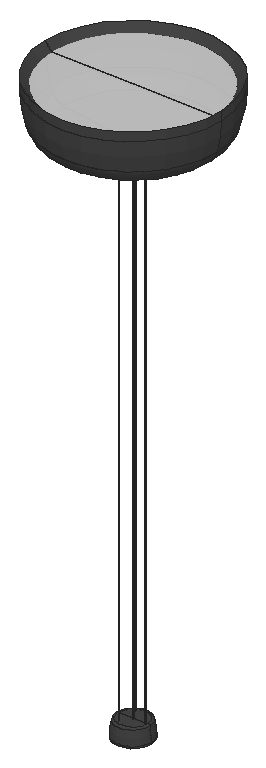
Revit family "3097942 Lighting Fixture_Sylvania_Nephos LED_Ceiling Pendant", category Lighting Fixtures, host Face, Revit 2017
Family settings
  Host = Face
  Round Connector Dimension = Use Diameter
  Part Type = Normal
  OmniClass Number = 23.80.70.11.17
  OmniClass Title = Specialized Lighting by Location or Use
  Cut with Voids When Loaded = No
  Light Source = Yes
  Shared = No
  Room Calculation Point = No
Parameters (values of type "NEPHOS 600 LED V2 GLOSS BLACK NW EB")
  Rod Length = Mounting Height - Height - 57.0 mm  # 1743.0 mm
  Radius = 300.0 mm
  Mounting Material = Steel_Sylvania_Nephos_Silver
  Mounting Height = 2000.0 mm
  Mounting Radius = 62.0 mm  # constant formula
  Life = "50 000h"  # constant formula
  LOR = "100%"
  IP Rating = "IP20"  # constant formula
  Weight = 4.97 kg
  Wattage = 41.7059 W
  built-in parameter 1150110 = 1 (stored number, unit not read)
  Voltage Comments = "UNV (Universal Voltage; 220-240 Volt)"  # constant formula
  Voltage = 230 V  # constant formula
  URL = "http://www.sylvania-lighting.com"
  built-in parameter 1114217 = 1 (stored number, unit not read)
  Tilt Angle = -90°
  built-in parameter 1150109 = 1 (stored number, unit not read)
  built-in parameter 1150134 = 12
  built-in parameter 1150113 = 1 (stored number, unit not read)
  Product Page URL = "http://www.sylvania-lighting.com/product/en-int/products/3097942"
  Product Family = "NEPHOS"  # constant formula
  Photometry Comments = ""
  Photometric Web File = "3097942_NEPHOS600LEDV2GLOSSBLACKNWEB-209097.ies"
  Height = 200.0 mm
  Glow Wire Test = 650 °C
  Emit from Circle Diameter = Diameter - 10.0 mm  # 590.0 mm
  Emit Shape Visible in Rendering = no
  Electrical Protection = "Class I"  # constant formula
  Drive Current = "700mA"  # constant formula
  Diffuser Radius = Radius - 5.0 mm  # 295.0 mm
  Diffuser Material = Polycarbonate_Sylvania_Nephos_Opal
  Diameter = 2 * Radius  # 600.0 mm
  built-in parameter 1114216 [instance] = 1 (stored number, unit not read)
  Model = "NEPHOS 600 LED V2 GLOSS BLACK NW EB"
  Manufacturer = "Feilo Sylvania"
  built-in parameter 1150105 = 759.69 (stored number, unit not read)
  Lumens = 2127 lm
  built-in parameter 1150115 = 1 (stored number, unit not read)
  built-in parameter 1150137 = (empty or 0)
  built-in parameter 1150139 = (empty or 0)
  built-in parameter 1150112 = 1 (stored number, unit not read)
  built-in parameter 1150114 = 1 (stored number, unit not read)
  Lamp = "Integrated LED"
  built-in parameter 1150132 = 2
  built-in parameter 1150102 = (empty or 0)
  built-in parameter 1150107 = 4000 (stored number, unit not read)
  built-in parameter 1150138 = (empty or 0)
  built-in parameter 1150106 = 7.5969 (stored number, unit not read)
  CRI ( Ra ) = 85  # constant formula
  Body Material = Aluminium_Sylvania_Nephos_Black
  built-in parameter 1150104 = 4.7381 (stored number, unit not read)
  Dimming Lamp Color Temperature Shift = <None>
  Description = "High-end and decorative LED pendant with a contemporary curved design. Available in gloss black and gloss white colour finishes to suit either a high brightness reception, or an ambient lounge space. Diffused (direct) light provides a soft and ambient lighting effect. Perfect for hospitality and residential applications; can be used in restaurants, bars, reception areas or lounge spaces. Aluminium housing material. 600mm diameter. Delivers up to 1340lm (4000K luminaire lumen output). Available in 3000K and 4000K colour temperatures. DALI dimmable options. 25W. LED technology provides energy efficient solution and reduced maintenance costs. 50,000 hour life. Adjustable 2000mm suspension cable"  # constant formula
  Default Elevation = 0.0 mm
  Color Filter = 16777215
  Catalog Number = "3097942 NEPHOS 600 LED V2 GLOSS BLACK NW EB"
  built-in parameter 1140040 [instance] = 1
  built-in parameter 1114218 = 1 (stored number, unit not read)
  built-in parameter 1150133 = 10 (stored number, unit not read)
  Assembly Code = "D5020200"
  Apparent Load Comments = ""
  Apparent Load = 24 VA
Reference planes
  plane 1 "Center (Front/Back)": y = 0
  plane 2: z = 0
  plane 3 "Center (Left/Right)": x = 0
  plane 4 "Mounting Bottom": z = 57
  plane 5: z = 1800
  plane 6 "Fixture Bottom": z = 2000
  plane 7 "Diffuser Plane": z = 1975
  plane 8: z = 1820
  plane 9: z = 1870
  plane 10: z = 1970
  plane 11: z = 47
Forms (mm)
  Revolve 1, solid, material "Aluminium_Sylvania_Nephos_Black" <- "Body Material", detail levels fine
    sketch origin (0, 0, 0) x (1, 0, 0) y (0, 0, 1)
      loop
        line (-300, 2000) -> (-300, 1970)
        arc (-300, 1970) -> (-296.229, 1919.441) -> (-285, 1870) r 340.833
        arc (-285, 1870) -> (-268.025, 1840.027) -> (-240, 1820) r 79.807
        arc (-240, 1820) -> (-135.475, 1805.011) -> (-30, 1800) r 1112.5
        line (-30, 1800) -> (0, 1800) -> (0, 1805) -> (-30, 1805)
        arc (-30, 1805) -> (-134.731, 1809.963) -> (-238.523, 1824.808) r 1107.5
        arc (-238.523, 1824.808) -> (-264.485, 1843.568) -> (-280.22, 1871.467) r 74.807
        arc (-280.22, 1871.467) -> (-291.284, 1920.182) -> (-295, 1970) r 335.833
        line (-295, 1970) -> (-295, 1975) -> (-275, 1975) -> (-300, 2000)
      axis (0, 2000) -> (0, 1800)
    angle from 0 to 360
  Revolve 2, solid, material "Polycarbonate_Sylvania_Nephos_Opal" <- "Diffuser Material", detail levels fine
    sketch origin (0, 0, 0) x (1, 0, 0) y (0, 0, 1)
      loop
        line (0, 1975) -> (-295, 1975) -> (-295, 1970) -> (0, 1970) -> (0, 1975)
      axis (0, 1975) -> (0, 1970)
    angle from 0 to 360
  Revolve 3, solid, material "Aluminium_Sylvania_Nephos_Black" <- "Body Material", detail levels fine
    sketch origin (0, 0, 0) x (1, 0, 0) y (0, 0, 1)
      loop
        line (0, 57) -> (-50.541, 57)
        arc (-50.541, 57) -> (-54.527, 55.484) -> (-56.499, 51.702) r 6
        arc (-56.499, 51.702) -> (-60.62, 28.512) -> (-62, 5) r 201.008
        line (-62, 5) -> (-62, 0) -> (0, 0) -> (0, 57)
      axis (0, 57) -> (0, 0)
    angle from 0 to 360
  Extrusion 4, solid, material "Aluminium_Sylvania_Nephos_Black" <- "Body Material", detail levels fine
    sketch origin (0, 0, 0) x (1, 0, 0) y (0, 1, 0)
      loop
        circle (0, 0) r 2
    from 57 to 1800
  Revolve 5, solid, material "Aluminium_Sylvania_Nephos_Black" <- "Body Material", detail levels coarse+medium
    sketch origin (0, 0, 0) x (1, 0, 0) y (0, 0, 1)
      loop
        line (-300, 2000) -> (-300, 1970)
        arc (-300, 1970) -> (-296.229, 1919.441) -> (-285, 1870) r 340.833
        arc (-285, 1870) -> (-268.025, 1840.027) -> (-240, 1820) r 79.807
        arc (-240, 1820) -> (-135.475, 1805.011) -> (-30, 1800) r 1112.5
        line (-30, 1800) -> (0, 1800) -> (0, 2000) -> (-300, 2000)
      axis (0, 2000) -> (0, 1800)
    angle from 0 to 360
Lines and regions (mm)
  model lines
    curve 1: line (0, 0, 1800) -> (0, 0, 0)
Dimensions and locks
  locked: plane 4 "Mounting Bottom" to plane 2 at 57
  "Radius": plane 3 "Center (Left/Right)" to Revolve 1 sketch curve
  locked: Revolve 1 sketch curve to Revolve 1 sketch curve at 25
  locked: Revolve 1 sketch curve to Revolve 1 sketch curve at 15
  locked: Revolve 1 sketch curve to Revolve 1 sketch curve at 60
  "Diffuser Radius": plane 3 "Center (Left/Right)" to Revolve 2 sketch curve
  "Mounting Height": plane 6 "Fixture Bottom" to plane 2
  "Mounting Radius": plane 3 "Center (Left/Right)" to Revolve 3 sketch curve
  Revolve 3 sketch curve to Revolve 3 sketch curve to Revolve 3 sketch curve = 5.959 mm locked, 5.501 mm locked
  locked: Revolve 3 sketch curve to Revolve 3 sketch curve at 5.298
  locked: plane 4 "Mounting Bottom" to plane 11 at 10
  locked: Revolve 1 sketch curve to Revolve 1 sketch curve at 270
  locked: Revolve 5 sketch curve to Revolve 5 sketch curve at 15
  locked: Revolve 5 sketch curve to Revolve 5 sketch curve at 60
  locked: Revolve 5 sketch curve to Revolve 5 sketch curve at 270
  "Radius": plane 3 "Center (Left/Right)" to Revolve 5 sketch curve
  "Height": plane 6 "Fixture Bottom" to plane 5
  locked: plane 6 "Fixture Bottom" to plane 7 "Diffuser Plane" at 25
  plane 10 to plane 9 to plane 8 to plane 5 = 100.0 mm locked, 50.0 mm locked, 20.0 mm locked
  aligned and locked: plane 2 to host face
  aligned and locked: level to host face
  aligned and locked: plane 1 "Center (Front/Back)" to imposter light
  aligned and locked: plane 3 "Center (Left/Right)" to imposter light
  aligned and locked: Revolve 1 sketch curve to plane 3 "Center (Left/Right)"
  aligned and locked: plane 7 "Diffuser Plane" to Revolve 2 sketch curve
  aligned and locked: Revolve 2 sketch curve to plane 10
  aligned and locked: Revolve 2 sketch curve to plane 3 "Center (Left/Right)"
  aligned and locked: plane 4 "Mounting Bottom" to Revolve 3 sketch curve
  aligned and locked: Revolve 3 sketch curve to plane 3 "Center (Left/Right)"  (x2)
  aligned and locked: Extrusion 4 to plane 4 "Mounting Bottom"
  aligned and locked: plane 5 to Extrusion 4
  aligned and locked: plane 6 "Fixture Bottom" to imposter light
  aligned and locked: plane 5 to nested 1  (x2)
  aligned and locked: nested 1 to plane 1 "Center (Front/Back)"
  aligned and locked: nested 1 to plane 5
  aligned and locked: plane 5 to nested 2
  aligned and locked: plane 5 to nested 3
  aligned and locked: Revolve 5 sketch curve to plane 6 "Fixture Bottom"
  aligned and locked: plane 2 to curve 1
  aligned and locked: plane 5 to curve 1
  aligned and locked: curve 1 to plane 3 "Center (Left/Right)"
Automatic sketch dimensions
  host sketch curve to host sketch curve = 1305.563 mm
  host sketch curve to host sketch curve = 1283.632 mm
  plane 1 "Center (Front/Back)" to Extrusion 4 sketch curve = 0.0 mm
  Extrusion 4 sketch curve to plane 3 "Center (Left/Right)" = 0.0 mm
  Revolve 1 sketch curve to Revolve 1 sketch curve = 0.0 mm  (x7)
  Revolve 1 sketch curve to plane 7 "Diffuser Plane" = 0.0 mm
  Revolve 1 sketch curve to plane 10 = 0.0 mm
  Revolve 1 sketch curve to plane 9 = 0.0 mm  (x2)
  Revolve 1 sketch curve to plane 3 "Center (Left/Right)" = 0.0 mm
  Revolve 1 sketch curve to plane 5 = 0.0 mm
  Revolve 1 sketch curve to plane 8 = 0.0 mm
  Revolve 1 sketch curve to plane 6 "Fixture Bottom" = 0.0 mm
  Revolve 1 sketch curve to Revolve 1 sketch curve = 5.0 mm
  plane 5 to Revolve 1 sketch curve = 5.0 mm
  Revolve 1 sketch curve to Revolve 1 sketch curve = 135.894 mm
  Revolve 1 sketch curve to Revolve 1 sketch curve = 84.106 mm
  Revolve 2 sketch curve to plane 3 "Center (Left/Right)" = 0.0 mm
  plane 9 to Revolve 2 sketch curve = 25.416 mm
  plane 6 "Fixture Bottom" to Revolve 2 sketch curve = 55.416 mm
  Revolve 3 sketch curve to level = 0.0 mm
  level to Revolve 3 sketch curve = 5.0 mm
  Revolve 3 sketch curve to Revolve 3 sketch curve = 34.616 mm
  Revolve 3 sketch curve to Revolve 3 sketch curve = 68.384 mm
  Revolve 5 sketch curve to plane 9 = 0.0 mm  (x2)
  Revolve 5 sketch curve to plane 3 "Center (Left/Right)" = 0.0 mm  (x2)
  Revolve 5 sketch curve to plane 10 = 0.0 mm
  Revolve 5 sketch curve to plane 5 = 0.0 mm
  Revolve 5 sketch curve to plane 8 = 0.0 mm
  Revolve 5 sketch curve to plane 5 = 135.894 mm
  Revolve 5 sketch curve to Revolve 5 sketch curve = 84.106 mm
  radius of Extrusion 4 sketch curve = 2.0 mm
Nested families
  nested 1: "Mounting" at (41.499, 0, 1800) x (1, 0, 0) z (0, 0, -1), type "Mounting"
    with Rod Length 1743.0 mm
  nested 2: "Mounting" at (-20.75, 35.94, 1800) x (-0.5, 0.866, 0) z (0, 0, -1), type "Mounting"
    with Rod Length 1743.0 mm
  nested 3: "Mounting" at (-20.75, -35.94, 1800) x (-0.5, -0.866, 0) z (0, 0, -1), type "Mounting"
    with Rod Length 1743.0 mm
Connectors
  electrical at (0, 0, 0), driven by "Voltage", driven by "Apparent Load"
    settings: on Revolve 3, index 1, voltage 230 V, apparent load 0 VA, apparent load phase1 24 VA, apparent load phase2 0 VA, apparent load phase3 0 VA, power factor 1, load classification "Lighting", number of poles 1, system type 31, power factor state 1, is connector primary yes, connector utility no, sub classification motor no, connector description ""
Definition of nested family "Mounting"
  Parameters
    Rod Length = 1243.0 mm
    Mounting Material = none
    Default Elevation = 0.0 mm
  Reference planes
    plane 1 "Center (Front/Back)": y = 0
    plane 2: z = 0
    plane 3 "Center (Left/Right)": x = 0
    plane 4: y = 0
    plane 5: z = 1243
    plane 6: z = 6
  Forms (mm)
    Extrusion 1, solid, material <- "Mounting Material", detail levels fine
      sketch origin (0, 0, 0) x (1, 0, 0) y (0, 1, 0)
        loop
          circle (0, 0) r 0.5
      from 6 to 1243
    Extrusion 2, solid, material <- "Mounting Material", detail levels fine
      sketch origin (0, 0, 0) x (1, 0, 0) y (0, 1, 0)
        loop
          circle (0, 0) r 1.5
      from 0 to 6
  Dimensions and locks
    locked: plane 6 to plane 2 at 6
    "Rod Length": plane 5 to plane 2
    aligned and locked: level to plane 2
    aligned and locked: plane 5 to Extrusion 1
    aligned and locked: plane 6 to Extrusion 2
    aligned and locked: Extrusion 2 to plane 2
    aligned and locked: Extrusion 1 to plane 6
    aligned and locked: plane 1 "Center (Front/Back)" to plane 4
  Automatic sketch dimensions
    Extrusion 1 sketch curve to plane 3 "Center (Left/Right)" = 0.0 mm
    plane 4 to Extrusion 1 sketch curve = 0.0 mm
    Extrusion 2 sketch curve to plane 3 "Center (Left/Right)" = 0.0 mm
    plane 4 to Extrusion 2 sketch curve = 0.0 mm
    radius of Extrusion 1 sketch curve = 0.5 mm
    radius of Extrusion 2 sketch curve = 1.5 mm
